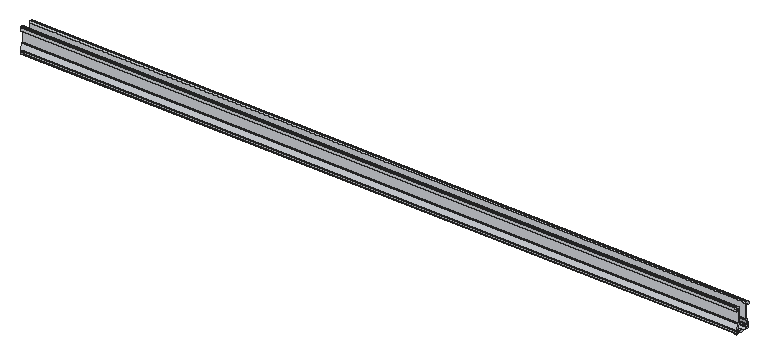
Revit family "68TSC4.00 14g Bottom Chord", category Structural Framing, Revit 2020
Family settings
  Section Shape = Not Defined
  Material for Model Behavior = Steel
  Always export as geometry = No
  OmniClass Number = 23.25.30.11.14.14
  OmniClass Title = Beams
  Always vertical = Yes
  Cut with Voids When Loaded = No
  Symbolic Representation = From Family
  Shared = No
  Show family pre-cut in plan views = Yes
Parameters
  Weight lbs per ft [instance] = 2.9095
  URL = "https://www.trussteel.com/details_files/pdf/ts008.pdf"
  Total Member Weight lbs [instance] = Length / 1' 0" * Weight lbs per ft  # 29.095
  Structural Material = ASTM A653 SS Grade 50 Class 1 G90
  Steel Design Thickness (in) [instance] = 0.0713
  Model = "68TSC4.00"
  Manufacturer = "TrusSteel"
  Length [instance] = 10' - 0"
  Fy (ksi) [instance] = 50
  Fu (ksi) [instance] = 65
  Description = "Chord"
  Cross Section Area (in2) [instance] = 0.8557
  Beam Height = 0' - 4"
  Beam Width = 0' - 2 1/2"
Reference planes (in)
  plane 1 "Center (Front/Back)": y = 0
  plane 2 "Center El.": z = 0
  plane 3 "Center (Left/Right)": x = 0
  plane 4 "Left": x = -60
  plane 5 "Right": x = 60
Forms (in)
  Extrusion 1, solid
    sketch origin (0, 0, 0) x (0, 1, 0) y (0, 0, 1)
      loop
        arc (0.75, 1.57186) -> (0.75861, 1.48713) -> (0.78408, 1.40586) r 0.4213
        line (0.78408, 1.40586) -> (1.15039, 0.55141)
        arc (1.15039, 0.55141) -> (1.17155, 0.48389) -> (1.1787, 0.4135) r 0.35
        line (1.1787, 0.4135) -> (1.1787, 0.1653)
        arc (1.1787, 0.1653) -> (1.15117, 0.09883) -> (1.0847, 0.0713) r 0.094
        line (1.0847, 0.0713) -> (0.3064, 0.0713)
        arc (0.3064, 0.0713) -> (0.22176, 0.08393) -> (0.14449, 0.12071) r 0.29
        arc (0.14449, 0.12071) -> (0, 0.1648) -> (-0.14449, 0.12071) r 0.2588
        arc (-0.14449, 0.12071) -> (-0.22176, 0.08393) -> (-0.3064, 0.0713) r 0.29
        line (-0.3064, 0.0713) -> (-1.0847, 0.0713)
        arc (-1.0847, 0.0713) -> (-1.15117, 0.09883) -> (-1.1787, 0.1653) r 0.094
        line (-1.1787, 0.1653) -> (-1.1787, 0.4135)
        arc (-1.1787, 0.4135) -> (-1.17155, 0.48389) -> (-1.15039, 0.55141) r 0.35
        line (-1.15039, 0.55141) -> (-0.78408, 1.40586)
        arc (-0.78408, 1.40586) -> (-0.75861, 1.48713) -> (-0.75, 1.57186) r 0.4213
        line (-0.75, 1.57186) -> (-0.75, 3.8687)
        arc (-0.75, 3.8687) -> (-0.78846, 3.96154) -> (-0.8813, 4) r 0.1313
        line (-0.8813, 4) -> (-1.1187, 4)
        arc (-1.1187, 4) -> (-1.21154, 3.96154) -> (-1.25, 3.8687) r 0.1313
        line (-1.25, 3.8687) -> (-1.25, 3.5) -> (-1.1787, 3.5) -> (-1.1787, 3.8687)
        arc (-1.1787, 3.8687) -> (-1.16113, 3.91113) -> (-1.1187, 3.9287) r 0.06
        line (-1.1187, 3.9287) -> (-0.8813, 3.9287)
        arc (-0.8813, 3.9287) -> (-0.83887, 3.91113) -> (-0.8213, 3.8687) r 0.06
        line (-0.8213, 3.8687) -> (-0.8213, 1.57186)
        arc (-0.8213, 1.57186) -> (-0.82845, 1.50147) -> (-0.84961, 1.43395) r 0.35
        line (-0.84961, 1.43395) -> (-1.21592, 0.5795)
        arc (-1.21592, 0.5795) -> (-1.24139, 0.49823) -> (-1.25, 0.4135) r 0.4213
        line (-1.25, 0.4135) -> (-1.25, 0.1653)
        arc (-1.25, 0.1653) -> (-1.20158, 0.04842) -> (-1.0847, 0) r 0.1653
        line (-1.0847, 0) -> (-0.3064, 0)
        arc (-0.3064, 0) -> (-0.20095, 0.01573) -> (-0.10468, 0.06156) r 0.3613
        arc (-0.10468, 0.06156) -> (0, 0.0935) -> (0.10468, 0.06156) r 0.1875
        arc (0.10468, 0.06156) -> (0.20095, 0.01573) -> (0.3064, 0) r 0.3613
        line (0.3064, 0) -> (1.0847, 0)
        arc (1.0847, 0) -> (1.20158, 0.04842) -> (1.25, 0.1653) r 0.1653
        line (1.25, 0.1653) -> (1.25, 0.4135)
        arc (1.25, 0.4135) -> (1.24139, 0.49823) -> (1.21592, 0.5795) r 0.4213
        line (1.21592, 0.5795) -> (0.84961, 1.43395)
        arc (0.84961, 1.43395) -> (0.82845, 1.50147) -> (0.8213, 1.57186) r 0.35
        line (0.8213, 1.57186) -> (0.8213, 3.8687)
        arc (0.8213, 3.8687) -> (0.83887, 3.91113) -> (0.8813, 3.9287) r 0.06
        line (0.8813, 3.9287) -> (1.1187, 3.9287)
        arc (1.1187, 3.9287) -> (1.16113, 3.91113) -> (1.1787, 3.8687) r 0.06
        line (1.1787, 3.8687) -> (1.1787, 3.5) -> (1.25, 3.5) -> (1.25, 3.8687)
        arc (1.25, 3.8687) -> (1.21154, 3.96154) -> (1.1187, 4) r 0.1313
        line (1.1187, 4) -> (0.8813, 4)
        arc (0.8813, 4) -> (0.78846, 3.96154) -> (0.75, 3.8687) r 0.1313
        line (0.75, 3.8687) -> (0.75, 1.57186)
    from -60 to 60
Dimensions and locks (in)
  equal spacing: plane 4 "Left", plane 3 "Center (Left/Right)", plane 5 "Right"
  "Length": plane 4 "Left" to plane 5 "Right"
  "Beam Width": Extrusion 1 to Extrusion 1
  "Beam Height": Extrusion 1 to Extrusion 1
  aligned and locked: level to plane 2 "Center El."
  aligned and locked: plane 4 "Left" to Extrusion 1
  aligned and locked: Extrusion 1 to plane 5 "Right"
Automatic sketch dimensions
  Extrusion 1 sketch curve to Extrusion 1 sketch curve = 0' - 0"  (x28)
  Extrusion 1 sketch curve to level = 0' - 0"  (x2)
  Extrusion 1 sketch curve to plane 1 "Center (Front/Back)" = 0' - 0"
  plane 1 "Center (Front/Back)" to Extrusion 1 sketch curve = 0' - 0.3064"
  plane 1 "Center (Front/Back)" to Extrusion 1 sketch curve = 0' - 0 3/4"
  Extrusion 1 sketch curve to Extrusion 1 sketch curve = 0' - 0.03408"  (x2)
  Extrusion 1 sketch curve to Extrusion 1 sketch curve = 0' - 0.0713"  (x2)
  Extrusion 1 sketch curve to Extrusion 1 sketch curve = 0' - 0.5223"  (x2)
  Extrusion 1 sketch curve to Extrusion 1 sketch curve = 0' - 0.06553"  (x3)
  Extrusion 1 sketch curve to Extrusion 1 sketch curve = 0' - 0.06"  (x4)
  level to Extrusion 1 sketch curve = 0' - 0.0713"
  Extrusion 1 sketch curve to Extrusion 1 sketch curve = 0' - 0.256"  (x2)
  Extrusion 1 sketch curve to Extrusion 1 sketch curve = 0' - 0.2374"  (x2)
  level to Extrusion 1 sketch curve = 0' - 0.55141"  (x2)
  Extrusion 1 sketch curve to Extrusion 1 sketch curve = 0' - 0.32169"  (x2)
  Extrusion 1 sketch curve to Extrusion 1 sketch curve = 0' - 0.35"  (x2)
  Extrusion 1 sketch curve to Extrusion 1 sketch curve = 0' - 0.02831"  (x2)
  level to Extrusion 1 sketch curve = 0' - 0.5795"  (x2)
  Extrusion 1 sketch curve to plane 1 "Center (Front/Back)" = 0' - 0.3064"
  Extrusion 1 sketch curve to plane 1 "Center (Front/Back)" = 0' - 0 3/4"
  Extrusion 1 sketch curve to level = 0' - 0.094"
  Extrusion 1 sketch curve to Extrusion 1 sketch curve = 0' - 0.29"  (x2)
  Extrusion 1 sketch curve to Extrusion 1 sketch curve = 0' - 0.85445"  (x2)
  Extrusion 1 sketch curve to Extrusion 1 sketch curve = 0' - 1.92814"  (x2)
  Extrusion 1 sketch curve to Extrusion 1 sketch curve = 0' - 0.3687"  (x2)
